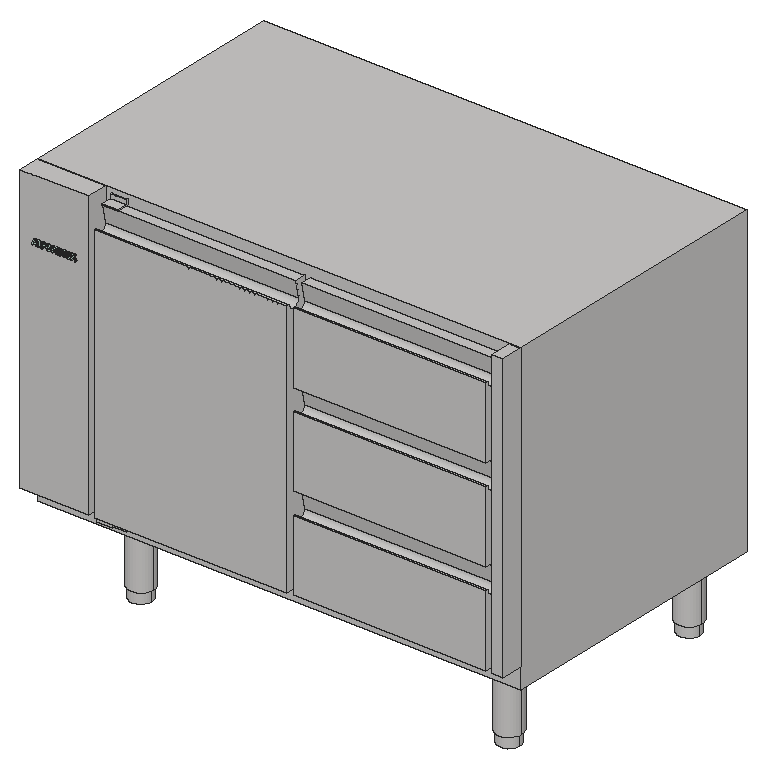
Revit family "QF_ALPENINOX_712118_AK2R8AC", category Specialty Equipment, Revit 2018
Family settings
  Round Connector Dimension = Use Diameter
  Part Type = Normal
  Work Plane-Based = No
  Always vertical = Yes
  Cut with Voids When Loaded = No
  Shared = No
  Room Calculation Point = No
Parameters
  Weight = 0.00 kg
  Watts = 2.78709 W
  Volts = 220 V
  URL Manufacturer = "http://www.alpeninox.com"
  URL = "http://www.alpeninox.com"
  Steam Supply Size = 0 mm
  Steam Supply Minimum Pressure = 0.0 Pa
  Steam Supply Maximum Pressure = 0.0 Pa
  Steam Pounds per Hour = 0
  Refrigeration Suction Line Size = 0 mm
  Refrigeration Liquid Line Size = 0 mm
  Refrigerant Compressor Remote = yes
  Manufacturer = "Alpeninox"
  Phase = 1
  Model = "AK2R8AC"
  Length Actual = 1103 mm  # constant formula
  Length = 1103 mm
  Item Number = "712118"
  Hot Water Size = 0 mm
  Height Actual = 850 mm  # constant formula
  Height = 700 mm
  HP = "0 HP"
  Gas Size = 0 mm
  Gas KW = 0
  Gas Input Pressure = 0 W
  Depth Actual = 700 mm  # constant formula
  Depth = 695 mm
  Description = "1 DOOR+3x1/3 DRAWER REF.TABLE -2C REM NO TOP"
  Cycle = 60 Hz
  Condensate Return Size = 0 mm
  Compressed Air Volume = 0.0 L/s
  Compressed Air Size = 0 mm
  Compressed Air Pressure = 0.0 Pa
  Cold Water Size = 0 mm
  Accessory = yes
Reference planes
  plane 1: z = 0
  plane 2 "Center (Left/Right)": x = -124.5
  plane 3 "Center (Front/Back)": y = 64.5
  plane 4 "FEET": z = 150
  plane 5 "TOP": z = 900
  plane 6 "PLAIN": z = 850
  plane 7 "EI_back": y = 359
  plane 8 "EI_left": x = -610
  plane 9 "BACK": y = 412
  plane 10 "FRONT": y = -283
  plane 11 "DOOR": y = -233
  plane 12 "LEFT": x = -676
  plane 13 "RIGHT": x = 427
  plane 14: x = -651
  plane 15: x = 402
  plane 16 "RO_left": x = -636
  plane 17 "RI_left": x = -584
  plane 18 "RO_back": y = 375.5
  plane 19 "RI_back": y = 375.5
  plane 20 "DRAINleft": x = -610
  plane 21 "DRAINback": y = 164
Forms (mm)
  Extrusion 1, solid, material "QF_Finishes_Stainless Steel"
    sketch origin (-1022.223, -1524, 150) x (-1, 0, 0) y (0, -1, 0)
      loop
        circle (-412.223, -1883) r 5
    from 0 to -40
  Extrusion 2, solid, material "QF_Finishes_Stainless Steel"
    sketch origin (-1022.223, -1524, 150) x (-1, 0, 0) y (0, -1, 0)
      loop
        line (-1424.223, -1291) -> (-1424.223, -1241) -> (-1449.223, -1241) -> (-1449.223, -1291) -> (-1424.223, -1291)
    from 48 to 700 <- "Height"
  Extrusion 3, solid, material "QF_Finishes_Stainless Steel"
    sketch origin (-1022.223, -1524, 150) x (-1, 0, 0) y (0, -1, 0)
      loop
        circle (-386.223, -1899.5) r 4.25
    from 0 to -20
  Extrusion 4, solid, material "QF_Finishes_Stainless Steel"
    sketch origin (-1022.223, -1524, 150) x (-1, 0, 0) y (0, -1, 0)
      loop
        circle (-438.223, -1899.5) r 4
    from 0 to -20
  Extrusion 5, solid, material "QF_Finishes_Stainless Steel"
    sketch origin (-1022.223, -1524, 150) x (-1, 0, 0) y (0, -1, 0)
      loop
        circle (-412.223, -1688) r 8.5
    from 0 to -40
  Extrusion 6, solid, material "QF_Finishes_Stainless Steel"
    sketch origin (-1022.223, -1524, 150) x (-1, 0, 0) y (0, -1, 0)
      loop
        line (-346.223, -1936) -> (-346.223, -1291) -> (-1449.223, -1291) -> (-1449.223, -1936) -> (-346.223, -1936)
    from 0 to 700 <- "Height"
Lines and regions (mm)
  symbolic lines, style "SpecialityEquipmentHiddenLines"
    curve 1: line (-676, 412, 150) -> (427, 412, 150)
    curve 2: line (-676, -283, 150) -> (-676, 412, 150)
    curve 3: line (427, -283, 150) -> (-676, -283, 150)
    curve 4: line (427, 412, 150) -> (427, -283, 150)
    curve 5: line (-676, -233, 150) -> (427, -233, 150)
    curve 6: line (402, -233, 150) -> (402, -283, 150)
Dimensions and locks
  plane 4 "FEET" to level = 150 mm
  plane 11 "DOOR" to plane 10 "FRONT" = 50 mm
  "Height": plane 6 "PLAIN" to plane 4 "FEET"
  plane 5 "TOP" to plane 6 "PLAIN" = 50 mm
  plane 12 "LEFT" to plane 14 = 25 mm
  plane 15 to plane 13 "RIGHT" = 25 mm
  plane 9 "BACK" to plane 18 "RO_back" = 36.5 mm
  plane 9 "BACK" to plane 7 "EI_back" = 53 mm
  plane 9 "BACK" to plane 19 "RI_back" = 36.5 mm
  plane 9 "BACK" to plane 21 "DRAINback" = 248 mm
  plane 12 "LEFT" to plane 20 "DRAINleft" = 66 mm
  plane 12 "LEFT" to plane 8 "EI_left" = 66 mm
  plane 12 "LEFT" to plane 17 "RI_left" = 92 mm
  plane 12 "LEFT" to plane 16 "RO_left" = 40 mm
  "Depth": plane 9 "BACK" to plane 10 "FRONT"
  equal spacing: plane 9 "BACK", plane 3 "Center (Front/Back)", plane 10 "FRONT"
  "Length": plane 12 "LEFT" to plane 13 "RIGHT"
  equal spacing: plane 12 "LEFT", plane 2 "Center (Left/Right)", plane 13 "RIGHT"
  aligned and locked: level to plane 1
Automatic sketch dimensions
  Extrusion 1 sketch curve to plane 7 "EI_back" = 0 mm
  Extrusion 1 sketch curve to plane 8 "EI_left" = 0 mm
  Extrusion 2 sketch curve to plane 11 "DOOR" = 0 mm
  Extrusion 2 sketch curve to plane 13 "RIGHT" = 0 mm
  Extrusion 2 sketch curve to plane 10 "FRONT" = 0 mm
  Extrusion 2 sketch curve to plane 15 = 0 mm
  Extrusion 3 sketch curve to plane 16 "RO_left" = 0 mm
  Extrusion 3 sketch curve to plane 18 "RO_back" = 0 mm
  Extrusion 4 sketch curve to plane 17 "RI_left" = 0 mm
  Extrusion 4 sketch curve to plane 19 "RI_back" = 0 mm
  Extrusion 5 sketch curve to plane 20 "DRAINleft" = 0 mm
  Extrusion 5 sketch curve to plane 21 "DRAINback" = 0 mm
  Extrusion 6 sketch curve to plane 9 "BACK" = 0 mm
  Extrusion 6 sketch curve to plane 13 "RIGHT" = 0 mm
  Extrusion 6 sketch curve to plane 11 "DOOR" = 0 mm
  Extrusion 6 sketch curve to plane 12 "LEFT" = 0 mm
  curve 1 to plane 13 "RIGHT" = 0 mm
  curve 6 to plane 15 = 0 mm
  curve 5 to plane 11 "DOOR" = 0 mm
  curve 5 to plane 12 "LEFT" = 0 mm
  curve 6 to plane 10 "FRONT" = 0 mm
  curve 1 to plane 9 "BACK" = 0 mm
  radius of Extrusion 1 sketch curve = 5 mm
  radius of Extrusion 3 sketch curve = 4.25 mm
  radius of Extrusion 4 sketch curve = 4 mm
  radius of Extrusion 5 sketch curve = 8.5 mm
Nested families
  nested 1: "Refrigerator" at (427, -283, 0), type "Refrigerator"
  nested 2: "FEET" at (-480, 331, 0), type "FEET"
  nested 3: "FEET" at (361, 331, 0), type "FEET"
  nested 4: "FEET" at (-480, -183, 0), type "FEET"
  nested 5: "FEET" at (361, -183, 0), type "FEET"
  nested 6: "APX_REM_TN_L" at (-519.08, -233, 598) x (1, 0, 0) z (0, -1, 0), type "APX_REM_TN_L"
    with Show Logo yes
  nested 7: "APX_SD_L" at (-286, -233, 512) x (1, 0, 0) z (0, -1, 0), type "APX_SD_L"
    with Show Clearance yes
  nested 8: "APX_THIRD" at (168, -233, 512) x (1, 0, 0) z (0, -1, 0), type "APX_THIRD"
    with Show Clearance yes
Connectors
  electrical at (-610, 359, 110), driven by "Volts"
    settings: on Extrusion 1, index 1, voltage 220 V, apparent load 0 VA, apparent load phase1 0 VA, apparent load phase2 0 VA, apparent load phase3 0 VA, power factor 1, load classification "Other", number of poles 1, system type 31, power factor state 1, is connector primary yes, connector utility no, sub classification motor no, connector description "Electrical Connection"
  piping at (-636, 375.5, 130), diameter 9.5
    settings: on Extrusion 3, index 3, connector inside diameter 609.6 mm, connector length 0 mm, flow factor 0, pipe flow 0.0 L/s, pressure drop 0.0 Pa, fitting loss kfactor 0, connector angle 0.00°, fixture units 0, engagement length 0 mm, angle of deflection 0.00°, flow configuration 1, flow direction 2, fitting loss method 0, system type 8, joint type 0, gender type 0, connector reference index -1, connector utility 0, adjustable connector no, is connector primary yes, connector description "Refrigerant Outlet"
  piping at (-584, 375.5, 130), diameter 8
    settings: on Extrusion 4, index 4, connector inside diameter 609.6 mm, connector length 0 mm, flow factor 0, pipe flow 0.0 L/s, pressure drop 0.0 Pa, fitting loss kfactor 0, connector angle 0.00°, fixture units 0, engagement length 0 mm, angle of deflection 0.00°, flow configuration 1, flow direction 1, fitting loss method 0, system type 7, joint type 0, gender type 0, connector reference index -1, connector utility 0, adjustable connector no, is connector primary no, connector description "Refrigerant Inlet"
  piping at (-610, 164, 110), diameter 17
    settings: on Extrusion 5, index 5, connector inside diameter 609.6 mm, connector length 0 mm, flow factor 0, pipe flow 0.0 L/s, pressure drop 0.0 Pa, fitting loss kfactor 0, connector angle 0.00°, fixture units 0, engagement length 0 mm, angle of deflection 0.00°, flow configuration 1, flow direction 2, fitting loss method 0, system type 16, joint type 0, gender type 0, connector reference index -1, connector utility 0, adjustable connector no, is connector primary no, connector description "Drain"
Definition of nested family "FEET"
  Parameters
    FEET = 150 mm
  Reference planes
    plane 1 "Center (Front/Back)": y = 0
    plane 2: z = 0
    plane 3 "Center (Left/Right)": x = 0
    plane 4: z = 150
  Forms (mm)
    Revolve 1, solid
      sketch origin (255.05, 0, 608.09) x (0, 0, 1) y (-1, 0, 0)
        loop
          line (-608.09, 255.05) -> (-608.09, 230.05) -> (-583.09, 230.05) -> (-583.09, 226.05) -> (-458.09, 226.05) -> (-458.09, 255.05) -> (-608.09, 255.05)
        axis (-608.09, 255.05) -> (-458.09, 255.05)
      angle from 0 to 360
  Dimensions and locks
    locked: Revolve 1 sketch curve to Revolve 1 sketch curve at 125
    "FEET": plane 4 to plane 2
    aligned and locked: level to plane 2
    aligned and locked: plane 4 to Revolve 1 sketch curve
    aligned and locked: Revolve 1 sketch curve to level
    aligned and locked: plane 3 "Center (Left/Right)" to Revolve 1 sketch curve
  Automatic sketch dimensions
    Revolve 1 sketch curve to plane 3 "Center (Left/Right)" = 0 mm
    Revolve 1 sketch curve to Revolve 1 sketch curve = 25 mm
    Revolve 1 sketch curve to Revolve 1 sketch curve = 29 mm
    plane 4 to Revolve 1 sketch curve = 50 mm
    Revolve 1 sketch curve to Revolve 1 sketch curve = 20 mm
Definition of nested family "APX_REM_TN_L"
  Parameters
    Show Logo [instance] = yes
    Default Elevation = 1219.2 mm
  Reference planes
    plane 1 "Centro (Fronte/Retro)": y = -74
    plane 2: z = 0
    plane 3 "Centro (Sinistra/Destra)": x = -78.92
  Forms (mm)
    Extrusion 1, solid
      sketch origin (0, 0, 0) x (1, 0, 0) y (0, 1, 0)
        loop
          line (-1219.2, 1219.2) -> (-1219.2, -1219.2) -> (1219.2, -1219.2) -> (1219.2, 1219.2) -> (-1219.2, 1219.2)
      from 0 to -304.8
    Extrusion 2, solid
      sketch origin (1.08, 0, 0) x (1, 0, 0) y (0, 1, 0)
        loop
          line (-158, 252) -> (-158, -400) -> (-2, -400) -> (-2, 252) -> (-158, 252)
      from 0 to 50
    Extrusion 3, solid
      sketch origin (44.22, -49.023, 0) x (1, 0, 0) y (0, 1, 0)
        loop
          line (-168.675, 170.349) -> (-172.411, 160.318)
          arc (-172.411, 160.318) -> (-171.624, 158.497) -> (-169.837, 159.36) r 1.374
          line (-169.837, 159.36) -> (-169.268, 161.111) -> (-164.1, 161.111) -> (-163.54, 159.379)
          arc (-163.54, 159.379) -> (-161.802, 158.542) -> (-161.049, 160.318) r 1.333
          line (-161.049, 160.318) -> (-164.694, 170.349)
          arc (-164.694, 170.349) -> (-166.685, 171.876) -> (-168.675, 170.349) r 2.06
        loop
          line (-166.681, 169.055) -> (-168.469, 163.655) -> (-164.935, 163.655) -> (-166.681, 169.055)
        loop
          arc (-159.705, 160.042) -> (-159.262, 158.973) -> (-158.194, 158.531) r 1.512
          line (-158.194, 158.531) -> (-153.608, 158.531)
          arc (-153.608, 158.531) -> (-152.337, 159.802) -> (-153.608, 161.074) r 1.272
          line (-153.608, 161.074) -> (-156.917, 161.074) -> (-156.917, 170.328)
          arc (-156.917, 170.328) -> (-158.311, 171.722) -> (-159.705, 170.328) r 1.394
          line (-159.705, 170.328) -> (-159.705, 160.042)
        loop
          line (-151.076, 170.218) -> (-151.076, 159.859)
          arc (-151.076, 159.859) -> (-149.683, 158.466) -> (-148.29, 159.859) r 1.393
          line (-148.29, 159.859) -> (-148.29, 162.882) -> (-146.225, 162.882)
          arc (-146.225, 162.882) -> (-142.999, 163.859) -> (-141.608, 166.928) r 4.082
          arc (-141.608, 166.928) -> (-142.993, 170.272) -> (-146.336, 171.657) r 4.728
          line (-146.336, 171.657) -> (-149.638, 171.657)
          arc (-149.638, 171.657) -> (-150.655, 171.235) -> (-151.076, 170.218) r 1.439
        loop
          line (-148.29, 165.313) -> (-146.388, 165.313)
          arc (-146.388, 165.313) -> (-144.433, 167.268) -> (-146.388, 169.222) r 1.955
          line (-146.388, 169.222) -> (-148.29, 169.222) -> (-148.29, 165.313)
        loop
          arc (-131.184, 166.332) -> (-132.004, 168.2) -> (-133.767, 169.228) r 3.3
          arc (-133.767, 169.228) -> (-136.353, 168.661) -> (-137.611, 166.332) r 3.176
          line (-137.611, 166.332) -> (-131.184, 166.332)
        loop
          line (-137.538, 163.743) -> (-130.544, 163.743)
          arc (-130.544, 163.743) -> (-129.292, 163.916) -> (-128.301, 164.701) r 2.4
          arc (-128.301, 164.701) -> (-128.155, 165.545) -> (-128.212, 166.399) r 3.635
          arc (-128.212, 166.399) -> (-130.364, 170.162) -> (-134.39, 171.769) r 6.579
          arc (-134.39, 171.769) -> (-138.918, 169.706) -> (-140.661, 165.044) r 6.501
          arc (-140.661, 165.044) -> (-139.276, 160.789) -> (-135.401, 158.549) r 6.252
          arc (-135.401, 158.549) -> (-132.922, 158.526) -> (-130.544, 159.232) r 8.361
          arc (-130.544, 159.232) -> (-129.466, 159.781) -> (-128.641, 160.666) r 3.486
          arc (-128.641, 160.666) -> (-128.419, 161.592) -> (-128.828, 162.451) r 1.425
          arc (-128.828, 162.451) -> (-129.368, 162.762) -> (-129.99, 162.762) r 1.203
          arc (-129.99, 162.762) -> (-130.406, 162.59) -> (-130.764, 162.316) r 1.724
          arc (-130.764, 162.316) -> (-131.666, 161.705) -> (-132.646, 161.229) r 7.6
          arc (-132.646, 161.229) -> (-135.676, 161.35) -> (-137.538, 163.743) r 3.6
        loop
          line (-126.669, 170.328) -> (-126.669, 159.859)
          arc (-126.669, 159.859) -> (-125.273, 158.463) -> (-123.878, 159.859) r 1.396
          line (-123.878, 159.859) -> (-123.878, 166.785) -> (-117.946, 159.029)
          arc (-117.946, 159.029) -> (-116.361, 158.51) -> (-115.379, 159.859) r 1.417
          line (-115.379, 159.859) -> (-115.379, 170.328)
          arc (-115.379, 170.328) -> (-116.774, 171.723) -> (-118.169, 170.328) r 1.395
          line (-118.169, 170.328) -> (-118.169, 163.311) -> (-124.101, 171.157)
          arc (-124.101, 171.157) -> (-125.687, 171.678) -> (-126.669, 170.328) r 1.418
        loop
          arc (-113.636, 159.859) -> (-112.241, 158.464) -> (-110.847, 159.859) r 1.394
          line (-110.847, 159.859) -> (-110.847, 170.328)
          arc (-110.847, 170.328) -> (-112.241, 171.723) -> (-113.636, 170.328) r 1.394
          line (-113.636, 170.328) -> (-113.636, 159.859)
        loop
          line (-109.102, 170.328) -> (-109.102, 159.859)
          arc (-109.102, 159.859) -> (-107.706, 158.463) -> (-106.31, 159.859) r 1.396
          line (-106.31, 159.859) -> (-106.31, 166.785) -> (-100.378, 159.029)
          arc (-100.378, 159.029) -> (-98.793, 158.51) -> (-97.812, 159.859) r 1.417
          line (-97.812, 159.859) -> (-97.812, 170.328)
          arc (-97.812, 170.328) -> (-99.207, 171.723) -> (-100.602, 170.328) r 1.395
          line (-100.602, 170.328) -> (-100.602, 163.311) -> (-106.533, 171.157)
          arc (-106.533, 171.157) -> (-108.119, 171.678) -> (-109.102, 170.328) r 1.418
        loop
          arc (-96.345, 165.093) -> (-95.619, 161.877) -> (-93.467, 159.379) r 6.806
          arc (-93.467, 159.379) -> (-91.792, 158.566) -> (-89.948, 158.31) r 5.956
          arc (-89.948, 158.31) -> (-88.104, 158.566) -> (-86.43, 159.379) r 5.956
          arc (-86.43, 159.379) -> (-84.277, 161.877) -> (-83.551, 165.093) r 6.806
          arc (-83.551, 165.093) -> (-84.277, 168.31) -> (-86.43, 170.808) r 6.806
          arc (-86.43, 170.808) -> (-88.104, 171.621) -> (-89.948, 171.877) r 5.956
          arc (-89.948, 171.877) -> (-91.792, 171.621) -> (-93.467, 170.808) r 5.956
          arc (-93.467, 170.808) -> (-95.619, 168.31) -> (-96.345, 165.093) r 6.806
        loop
          arc (-93.425, 165.093) -> (-93.138, 163.212) -> (-92.081, 161.629) r 4.387
          arc (-92.081, 161.629) -> (-91.087, 161.049) -> (-89.948, 160.881) r 3.035
          arc (-89.948, 160.881) -> (-88.809, 161.049) -> (-87.815, 161.629) r 3.035
          arc (-87.815, 161.629) -> (-86.759, 163.212) -> (-86.472, 165.093) r 4.387
          arc (-86.472, 165.093) -> (-86.759, 166.975) -> (-87.815, 168.558) r 4.387
          arc (-87.815, 168.558) -> (-88.809, 169.138) -> (-89.948, 169.306) r 3.035
          arc (-89.948, 169.306) -> (-91.087, 169.138) -> (-92.081, 168.558) r 3.035
          arc (-92.081, 168.558) -> (-93.138, 166.975) -> (-93.425, 165.093) r 4.387
        loop
          line (-82.843, 169.609) -> (-79.829, 165.552) -> (-83.513, 160.652)
          arc (-83.513, 160.652) -> (-83.216, 158.692) -> (-81.262, 159.029) r 1.388
          line (-81.262, 159.029) -> (-78.213, 163.232) -> (-75.164, 159.029)
          arc (-75.164, 159.029) -> (-73.211, 158.692) -> (-72.913, 160.652) r 1.388
          line (-72.913, 160.652) -> (-76.597, 165.552) -> (-73.584, 169.609)
          arc (-73.584, 169.609) -> (-73.952, 171.597) -> (-75.908, 171.084) r 1.38
          line (-75.908, 171.084) -> (-78.213, 167.841) -> (-80.519, 171.084)
          arc (-80.519, 171.084) -> (-82.474, 171.597) -> (-82.843, 169.609) r 1.38
      from 50 to 51.6
  Lines and regions (mm)
    Split face 1
      outline origin (1.08, 0, 50) x (1, 0, 0) y (0, 1, 0)
        loop
          line (-2, 188) -> (-158, 188)
    Split face 2
      outline origin (1.08, 0, 50) x (1, 0, 0) y (0, 1, 0)
        loop
          line (-158, 178) -> (-2, 178)
    Split face 3
      outline origin (1.08, 0, 50) x (1, 0, 0) y (0, 1, 0)
        loop
          line (-2, 104) -> (-158, 104)
    Split face 4
      outline origin (1.08, 0, 50) x (1, 0, 0) y (0, 1, 0)
        loop
          line (-2, 94) -> (-158, 94)
    Split face 5
      outline origin (1.08, 0, 50) x (1, 0, 0) y (0, 1, 0)
        loop
          line (-110, 163.931) -> (-110, 134.412) -> (-50, 134.412) -> (-50, 163.931) -> (-110, 163.931)
    Split face 6
      outline origin (1.08, 0, 50) x (1, 0, 0) y (0, 1, 0)
        loop
          line (-70, 160.931) -> (-70, 137.412) -> (-53, 137.412) -> (-53, 160.931) -> (-70, 160.931)
    symbolic lines
      curve 1: line (-2, -74, 50) -> (-2, -74, 0)
  Dimensions and locks
    equal spacing: Extrusion 2, plane 3 "Centro (Sinistra/Destra)", Extrusion 2
    equal spacing: Extrusion 2, plane 1 "Centro (Fronte/Retro)", Extrusion 2
    aligned and locked: plane 2 to Extrusion 1
    aligned and locked: level to Extrusion 1
  Automatic sketch dimensions
    curve 1 to level = 0 mm
    plane 3 "Centro (Sinistra/Destra)" to curve 1 = 76.92 mm
    curve 1 to curve 1 = 50 mm
    Extrusion 1 sketch curve to Extrusion 1 sketch curve = 2438.4 mm  (x2)
    Extrusion 2 sketch curve to plane 3 "Centro (Sinistra/Destra)" = 78 mm
    plane 3 "Centro (Sinistra/Destra)" to Extrusion 2 sketch curve = 78 mm
    plane 1 "Centro (Fronte/Retro)" to Extrusion 2 sketch curve = 326 mm
    Extrusion 2 sketch curve to plane 1 "Centro (Fronte/Retro)" = 326 mm
    Extrusion 3 sketch curve to plane 3 "Centro (Sinistra/Destra)" = 49.27 mm
    Extrusion 3 sketch curve to Extrusion 3 sketch curve = 1.266 mm
    Extrusion 3 sketch curve to Extrusion 3 sketch curve = 1.307 mm
    Extrusion 3 sketch curve to Extrusion 3 sketch curve = 0.57 mm
    Extrusion 3 sketch curve to Extrusion 3 sketch curve = 0.593 mm
    Extrusion 3 sketch curve to Extrusion 3 sketch curve = 0.799 mm
    Extrusion 3 sketch curve to Extrusion 3 sketch curve = 1.99 mm  (x2)
    Extrusion 3 sketch curve to Extrusion 3 sketch curve = 0.003 mm
    Extrusion 3 sketch curve to Extrusion 3 sketch curve = 3.534 mm
    Extrusion 3 sketch curve to Extrusion 3 sketch curve = 0.835 mm
    Extrusion 3 sketch curve to Extrusion 3 sketch curve = 0.56 mm
    Extrusion 3 sketch curve to Extrusion 3 sketch curve = 1.268 mm
    Extrusion 3 sketch curve to Extrusion 3 sketch curve = 1.223 mm
    Extrusion 3 sketch curve to Extrusion 3 sketch curve = 1.344 mm
    Extrusion 3 sketch curve to Extrusion 3 sketch curve = 1.394 mm  (x2)
    Extrusion 3 sketch curve to Extrusion 3 sketch curve = 1.512 mm
    Extrusion 3 sketch curve to Extrusion 3 sketch curve = 3.309 mm
    Extrusion 3 sketch curve to Extrusion 3 sketch curve = 5.841 mm
    Extrusion 3 sketch curve to Extrusion 3 sketch curve = 1.393 mm
    Extrusion 3 sketch curve to Extrusion 3 sketch curve = 1.439 mm
    Extrusion 3 sketch curve to Extrusion 3 sketch curve = 0 mm  (x19)
    Extrusion 3 sketch curve to Extrusion 3 sketch curve = 1.902 mm
    Extrusion 3 sketch curve to Extrusion 3 sketch curve = 0.052 mm
    Extrusion 3 sketch curve to Extrusion 3 sketch curve = 2.065 mm
    Extrusion 3 sketch curve to Extrusion 3 sketch curve = 0.647 mm
    Extrusion 3 sketch curve to Extrusion 3 sketch curve = 8.079 mm
    Extrusion 3 sketch curve to Extrusion 3 sketch curve = 0.073 mm
    Extrusion 3 sketch curve to Extrusion 3 sketch curve = 2.145 mm
    Extrusion 3 sketch curve to Extrusion 3 sketch curve = 2.931 mm
    Extrusion 3 sketch curve to Extrusion 3 sketch curve = 0.213 mm
    Extrusion 3 sketch curve to Extrusion 3 sketch curve = 0.026 mm
    Extrusion 3 sketch curve to Extrusion 3 sketch curve = 0.263 mm
    Extrusion 3 sketch curve to Extrusion 3 sketch curve = 0.516 mm
    Extrusion 3 sketch curve to Extrusion 3 sketch curve = 0.356 mm
    Extrusion 3 sketch curve to Extrusion 3 sketch curve = 0.387 mm
    Extrusion 3 sketch curve to Extrusion 3 sketch curve = 2.378 mm
    Extrusion 3 sketch curve to Extrusion 3 sketch curve = 2.466 mm
    Extrusion 3 sketch curve to Extrusion 3 sketch curve = 0.602 mm
    Extrusion 3 sketch curve to Extrusion 3 sketch curve = 1.02 mm
    Extrusion 3 sketch curve to Extrusion 3 sketch curve = 0.949 mm
    Extrusion 3 sketch curve to Extrusion 3 sketch curve = 1.728 mm
    Extrusion 3 sketch curve to Extrusion 3 sketch curve = 0.157 mm  (x2)
    Extrusion 3 sketch curve to Extrusion 3 sketch curve = 0.292 mm
    Extrusion 3 sketch curve to plane 3 "Centro (Sinistra/Destra)" = 3.529 mm
    Extrusion 3 sketch curve to Extrusion 3 sketch curve = 1.396 mm  (x2)
    Extrusion 3 sketch curve to Extrusion 3 sketch curve = 1.418 mm  (x2)
    Extrusion 3 sketch curve to plane 3 "Centro (Sinistra/Destra)" = 0.96 mm
    plane 3 "Centro (Sinistra/Destra)" to Extrusion 3 sketch curve = 4.971 mm
    Extrusion 3 sketch curve to Extrusion 3 sketch curve = 0.224 mm  (x2)
    Extrusion 3 sketch curve to Extrusion 3 sketch curve = 1.149 mm  (x2)
    Extrusion 3 sketch curve to Extrusion 3 sketch curve = 1.395 mm  (x2)
    Extrusion 3 sketch curve to Extrusion 3 sketch curve = 1.744 mm
    Extrusion 3 sketch curve to Extrusion 3 sketch curve = 1.745 mm
    Extrusion 3 sketch curve to Extrusion 3 sketch curve = 1.151 mm
    Extrusion 3 sketch curve to Extrusion 3 sketch curve = 5.709 mm
    Extrusion 3 sketch curve to Extrusion 3 sketch curve = 6.963 mm
    Extrusion 3 sketch curve to Extrusion 3 sketch curve = 0.493 mm  (x3)
    Extrusion 3 sketch curve to Extrusion 3 sketch curve = 0.273 mm  (x2)
    Extrusion 3 sketch curve to Extrusion 3 sketch curve = 0.021 mm  (x2)
    Extrusion 3 sketch curve to Extrusion 3 sketch curve = 0.226 mm  (x2)
    Extrusion 3 sketch curve to Extrusion 3 sketch curve = 0.268 mm  (x2)
    Extrusion 3 sketch curve to Extrusion 3 sketch curve = 0.294 mm
    Extrusion 3 sketch curve to Extrusion 3 sketch curve = 5.534 mm
    Extrusion 3 sketch curve to Extrusion 3 sketch curve = 6.205 mm
    Extrusion 3 sketch curve to Extrusion 3 sketch curve = 1.109 mm  (x2)
    Extrusion 3 sketch curve to Extrusion 3 sketch curve = 1.108 mm  (x2)
    Extrusion 3 sketch curve to Extrusion 3 sketch curve = 1.142 mm  (x2)
    Extrusion 3 sketch curve to Extrusion 3 sketch curve = 1.216 mm  (x2)
    Extrusion 3 sketch curve to Extrusion 3 sketch curve = 3.013 mm
    Extrusion 3 sketch curve to Extrusion 3 sketch curve = 1.616 mm  (x3)
    Extrusion 3 sketch curve to Extrusion 3 sketch curve = 2.305 mm
    Extrusion 3 sketch curve to Extrusion 3 sketch curve = 3.049 mm
    Extrusion 3 sketch curve to plane 1 "Centro (Fronte/Retro)" = 183.508 mm
    Extrusion 3 sketch curve to Extrusion 3 sketch curve = 0.498 mm
    Extrusion 3 sketch curve to Extrusion 3 sketch curve = 0.682 mm
    Extrusion 3 sketch curve to Extrusion 3 sketch curve = 0.664 mm
    Extrusion 3 sketch curve to Extrusion 3 sketch curve = 0.425 mm
    Extrusion 3 sketch curve to Extrusion 3 sketch curve = 0.41 mm
    Extrusion 3 sketch curve to Extrusion 3 sketch curve = 1.272 mm
    Extrusion 3 sketch curve to Extrusion 3 sketch curve = 0.789 mm  (x2)
    Extrusion 3 sketch curve to Extrusion 3 sketch curve = 0.056 mm
    Extrusion 3 sketch curve to Extrusion 3 sketch curve = 0.83 mm
    Extrusion 3 sketch curve to Extrusion 3 sketch curve = 1.238 mm
    Extrusion 3 sketch curve to Extrusion 3 sketch curve = 1.732 mm
    Extrusion 3 sketch curve to Extrusion 3 sketch curve = 0.346 mm
    Extrusion 3 sketch curve to Extrusion 3 sketch curve = 1.123 mm
    Extrusion 3 sketch curve to Extrusion 3 sketch curve = 3.023 mm
    Extrusion 3 sketch curve to Extrusion 3 sketch curve = 4.203 mm
    Extrusion 3 sketch curve to Extrusion 3 sketch curve = 3.452 mm  (x2)
    Extrusion 3 sketch curve to Extrusion 3 sketch curve = 2.544 mm
    Extrusion 3 sketch curve to Extrusion 3 sketch curve = 1.177 mm
    Extrusion 3 sketch curve to Extrusion 3 sketch curve = 3.261 mm
    Extrusion 3 sketch curve to Extrusion 3 sketch curve = 0.352 mm  (x2)
    Extrusion 3 sketch curve to Extrusion 3 sketch curve = 1.987 mm
    Extrusion 3 sketch curve to Extrusion 3 sketch curve = 0.171 mm
    Extrusion 3 sketch curve to Extrusion 3 sketch curve = 0.533 mm  (x3)
    Extrusion 3 sketch curve to Extrusion 3 sketch curve = 0.14 mm  (x4)
    Extrusion 3 sketch curve to Extrusion 3 sketch curve = 0.473 mm
    Extrusion 3 sketch curve to Extrusion 3 sketch curve = 0.31 mm  (x2)
    Extrusion 3 sketch curve to Extrusion 3 sketch curve = 0.075 mm
    Extrusion 3 sketch curve to Extrusion 3 sketch curve = 2.431 mm
    Extrusion 3 sketch curve to Extrusion 3 sketch curve = 2.32 mm  (x2)
    Extrusion 3 sketch curve to Extrusion 3 sketch curve = 1.992 mm
    Extrusion 3 sketch curve to Extrusion 3 sketch curve = 0.674 mm
    Extrusion 3 sketch curve to Extrusion 3 sketch curve = 0.732 mm
    Extrusion 3 sketch curve to Extrusion 3 sketch curve = 0.388 mm
    Extrusion 3 sketch curve to Extrusion 3 sketch curve = 0.121 mm
    Extrusion 3 sketch curve to Extrusion 3 sketch curve = 2.589 mm
    Extrusion 3 sketch curve to Extrusion 3 sketch curve = 0.662 mm
    Extrusion 3 sketch curve to Extrusion 3 sketch curve = 3.473 mm
    Extrusion 3 sketch curve to Extrusion 3 sketch curve = 0.681 mm
    Extrusion 3 sketch curve to Extrusion 3 sketch curve = 1.615 mm
    Extrusion 3 sketch curve to Extrusion 3 sketch curve = 0.34 mm
    Extrusion 3 sketch curve to Extrusion 3 sketch curve = 2.288 mm
    Extrusion 3 sketch curve to Extrusion 3 sketch curve = 0.942 mm
    Extrusion 3 sketch curve to Extrusion 3 sketch curve = 5.4 mm
    Extrusion 3 sketch curve to Extrusion 3 sketch curve = 1.768 mm  (x2)
    Extrusion 3 sketch curve to Extrusion 3 sketch curve = 0.761 mm
    Extrusion 3 sketch curve to Extrusion 3 sketch curve = 0.996 mm
    Extrusion 3 sketch curve to Extrusion 3 sketch curve = 3.543 mm  (x2)
    Extrusion 3 sketch curve to Extrusion 3 sketch curve = 7.017 mm
    Extrusion 3 sketch curve to Extrusion 3 sketch curve = 0.11 mm
    Extrusion 3 sketch curve to Extrusion 3 sketch curve = 0.823 mm  (x2)
    Extrusion 3 sketch curve to Extrusion 3 sketch curve = 0.947 mm
    Extrusion 3 sketch curve to Extrusion 3 sketch curve = 3.837 mm
    Extrusion 3 sketch curve to Extrusion 3 sketch curve = 0.623 mm
    Extrusion 3 sketch curve to Extrusion 3 sketch curve = 1.082 mm
    Extrusion 3 sketch curve to Extrusion 3 sketch curve = 0.801 mm
    Extrusion 3 sketch curve to Extrusion 3 sketch curve = 1 mm
    Extrusion 3 sketch curve to Extrusion 3 sketch curve = 0.089 mm
    Extrusion 3 sketch curve to Extrusion 3 sketch curve = 4.257 mm
    Extrusion 3 sketch curve to Extrusion 3 sketch curve = 4.345 mm  (x2)
    Extrusion 3 sketch curve to Extrusion 3 sketch curve = 2.576 mm
    Extrusion 3 sketch curve to Extrusion 3 sketch curve = 1.385 mm  (x4)
    Extrusion 3 sketch curve to Extrusion 3 sketch curve = 2.133 mm  (x4)
    Extrusion 3 sketch curve to Extrusion 3 sketch curve = 3.518 mm
    Extrusion 3 sketch curve to Extrusion 3 sketch curve = 5.603 mm
    Extrusion 3 sketch curve to Extrusion 3 sketch curve = 2.571 mm
    Split face 1 sketch curve to Extrusion 2 = 0 mm  (x2)
    Split face 1 sketch curve to Extrusion 2 = 64 mm
    Split face 2 sketch curve to Extrusion 2 = 0 mm
    Split face 2 sketch curve to Extrusion 2 = 74 mm
    Extrusion 2 to Split face 2 sketch curve = 0 mm
    Split face 3 sketch curve to Extrusion 2 = 0 mm  (x2)
    Split face 3 sketch curve to Extrusion 2 = 148 mm
    Split face 4 sketch curve to Extrusion 2 = 0 mm  (x2)
    Split face 4 sketch curve to Extrusion 2 = 158 mm
    Split face 5 sketch curve to Extrusion 2 = 48 mm  (x2)
    Split face 5 sketch curve to Extrusion 2 = 117.588 mm
    Split face 5 sketch curve to Split face 5 sketch curve = 29.518 mm
    Split face 6 sketch curve to Extrusion 2 = 68 mm
    Split face 6 sketch curve to Split face 6 sketch curve = 17 mm
    Split face 6 sketch curve to Extrusion 2 = 114.588 mm
    Split face 6 sketch curve to Split face 6 sketch curve = 23.518 mm
Definition of nested family "APX_SD_L"
  Parameters
    Show Clearance [instance] = yes
    Default Elevation = 1219.2 mm
  Reference planes
    plane 1 "Center (Front/Back)": y = 0
    plane 2: z = 0
    plane 3 "Center (Left/Right)": x = 0
    plane 4: x = -234
    plane 5: x = 234
  Forms (mm)
    Extrusion 1, solid
      sketch origin (0, 0, 0) x (1, 0, 0) y (0, 1, 0)
        loop
          line (-1219.2, 1219.2) -> (-1219.2, -1219.2) -> (1219.2, -1219.2) -> (1219.2, 1219.2) -> (-1219.2, 1219.2)
      from 0 to -304.8
    Extrusion 2, solid
      sketch origin (0, 0, -3) x (0, 1, 0) y (0, 0, 1)
        loop
          line (-314, 53) -> (-314, 3) -> (314, 3) -> (314, 29) -> (274.395, 20)
          arc (274.395, 20) -> (260.396, 33.803) -> (274, 47.994) r 14
          line (274, 47.994) -> (274, 53) -> (-314, 53)
      from -220 to 220
    Extrusion 3, solid
      sketch origin (0, 0, 0) x (0, 1, 0) y (0, 0, -1)
        loop
          line (-323.003, -40.312) -> (-323.003, -12.259) -> (-323.003, 0) -> (-351.511, 0) -> (-351.511, -2.5) -> (-325.503, -2.5) -> (-325.503, -42.812) -> (-316.501, -42.812) -> (-316.501, -40.312) -> (-323.003, -40.312)
        loop
          line (-314, -38.311) -> (-314, -11.804) -> (-319.752, -11.804) -> (-319.752, -14.304) -> (-316.501, -14.304) -> (-316.501, -38.311) -> (-314, -38.311)
        loop
          line (315.003, -27.948) -> (317.503, -27.948) -> (317.503, -2.5) -> (327.503, -2.5) -> (327.503, 0) -> (315.003, 0) -> (315.003, -2.948) -> (315.003, -27.948)
      from 185 to 220
    Extrusion 4, solid, visible <- "Show Clearance", detail levels coarse
      sketch origin (0, 0, -3) x (-1, 0, 0) y (0, 0, -1)
        loop
          line (220, -53) -> (-220, -53)
          arc (-220, -53) -> (-79.636, -340.04) -> (220, -451) r 430
          line (220, -451) -> (220, -53)
      from -314 to 314
  Lines and regions (mm)
    symbolic lines
      curve 1: arc (219.599, 0, 55) -> (95.934, 0, 321.503) -> (-170, 0, 446.39) r 430
      curve 2: line (-220, 0, 55) -> (-220, 0, 448)
      curve 3: line (-170, 0, 55) -> (-170, 0, 448)
      curve 4: line (-220, 0, 448) -> (-170, 0, 448)
  Dimensions and locks
    plane 4 to plane 3 "Center (Left/Right)" to plane 5 = 234 mm locked, 234 mm locked
    aligned and locked: plane 2 to Extrusion 1
    aligned and locked: level to Extrusion 1
Definition of nested family "APX_THIRD"
  Parameters
    Show Clearance [instance] = yes
    Default Elevation = 1219.2 mm
  Reference planes
    plane 1 "Center (Front/Back)": y = 0
    plane 2: z = 0
    plane 3 "Center (Left/Right)": x = 0
    plane 4: x = -234
    plane 5: x = 234
    plane 6: z = 618
  Forms (mm)
    Extrusion 1, solid
      sketch origin (0, 0, 0) x (1, 0, 0) y (0, 1, 0)
        loop
          line (-1219.2, 1219.2) -> (-1219.2, -1219.2) -> (1219.2, -1219.2) -> (1219.2, 1219.2) -> (-1219.2, 1219.2)
      from 0 to -304.8
    Extrusion 2, solid
      sketch origin (0, 0, 0) x (0, 1, 0) y (0, 0, 1)
        loop
          line (314, 0) -> (314, 26) -> (274.395, 17)
          arc (274.395, 17) -> (260.395, 31) -> (274.395, 45) r 14
          line (274.395, 45) -> (274.395, 50) -> (111.333, 50) -> (111.333, 0) -> (314, 0)
        loop
          line (-111.333, 0) -> (-111.333, 26) -> (-150.939, 17)
          arc (-150.939, 17) -> (-164.939, 31) -> (-150.939, 45) r 14
          line (-150.939, 45) -> (-150.939, 50) -> (-314, 50) -> (-314, 0) -> (-111.333, 0)
        loop
          line (101.333, 0) -> (101.333, 26) -> (61.728, 17)
          arc (61.728, 17) -> (47.728, 31) -> (61.728, 45) r 14
          line (61.728, 45) -> (61.728, 50) -> (-101.333, 50) -> (-101.333, 0) -> (101.333, 0)
      from -220 to 220
    Extrusion 3, solid, visible <- "Show Clearance", detail levels coarse
      sketch origin (0, 0, 512) x (0, 1, 0) y (0, 0, 1)
        loop
          line (-314, 106) -> (-314, -462) -> (-111.333, -462) -> (-111.333, 82) -> (-150.939, 73)
          arc (-150.939, 73) -> (-164.939, 87) -> (-150.939, 101) r 14
          line (-150.939, 101) -> (-150.939, 106) -> (-314, 106)
        loop
          line (-101.333, 106) -> (-101.333, -462) -> (101.333, -462) -> (101.333, 82) -> (61.728, 73)
          arc (61.728, 73) -> (47.728, 87) -> (61.728, 101) r 14
          line (61.728, 101) -> (61.728, 106) -> (-101.333, 106)
        loop
          line (111.333, 106) -> (111.333, -462) -> (314, -462) -> (314, 82) -> (274.395, 73)
          arc (274.395, 73) -> (260.395, 87) -> (274.395, 101) r 14
          line (274.395, 101) -> (274.395, 106) -> (111.333, 106)
      from -220 to 220
  Lines and regions (mm)
    symbolic lines
      curve 1: line (220, 0, 140) -> (-220, 0, 140)
      curve 2: line (220, 0, 175) -> (-220, 0, 175)
      curve 3: line (220, 0, 260) -> (-220, 0, 260)
      curve 4: line (220, 0, 295) -> (-220, 0, 295)
      curve 5: line (220, 0, 380) -> (-220, 0, 380)
      curve 6: line (220, 0, 415) -> (-220, 0, 415)
      curve 7: line (220, 0, 415) -> (220, 0, 380)
      curve 8: line (-220, 0, 415) -> (-220, 0, 380)
      curve 9: line (-220, 0, 295) -> (-220, 0, 260)
      curve 10: line (220, 0, 295) -> (220, 0, 260)
      curve 11: line (220, 0, 175) -> (220, 0, 140)
      curve 12: line (-220, 0, 175) -> (-220, 0, 140)
      curve 13: line (190, 0, 295) -> (190, 0, 380)
      curve 14: line (-190, 0, 295) -> (-190, 0, 380)
      curve 15: line (190, 0, 175) -> (190, 0, 260)
      curve 16: line (-190, 0, 175) -> (-190, 0, 260)
      curve 17: line (190, 0, 55) -> (190, 0, 140)
      curve 18: line (-190, 0, 55) -> (-190, 0, 140)
  Dimensions and locks
    plane 4 to plane 3 "Center (Left/Right)" to plane 5 = 234 mm locked, 234 mm locked
    plane 6 to level = 618 mm
    aligned and locked: plane 2 to Extrusion 1
    aligned and locked: level to Extrusion 1
Definition of nested family "Refrigerator"
  Reference planes
    plane 1 "Center (Front/Back)": y = 0
    plane 2: z = 0
    plane 3 "Center (Left/Right)": x = 0
  Lines and regions (mm)
    detail lines, in view "Ref. Level"
      curve 1: spline (-500, 190, 0) -> (-493.185, 166.706, 0) -> (-473.205, 145, 0) -> (-441.421, 126.36, 0) -> (-400, 112.058, 0) -> (-351.764, 103.067, 0) -> (-300, 100, 0) -> (-248.236, 103.067, 0) -> (-200, 112.058, 0) -> (-158.579, 126.36, 0) -> (-126.795, 145, 0) -> (-106.815, 166.706, 0) -> (-100, 190, 0) -> (-106.815, 213.294, 0) -> (-126.795, 235, 0) -> (-158.579, 253.64, 0) -> (-200, 267.942, 0) -> (-248.236, 276.933, 0) -> (-300, 280, 0) -> (-351.764, 276.933, 0) -> (-400, 267.942, 0) -> (-441.421, 253.64, 0) -> (-473.205, 235, 0) -> (-493.185, 213.294, 0) -> (-500, 190, 0)
      curve 2: line (-300, 130, 0) -> (-300, 250, 0)
      curve 3: line (-351.962, 220, 0) -> (-248.038, 160, 0)
      curve 4: line (-351.962, 160, 0) -> (-248.038, 220, 0)
      curve 5: line (-280.884, 246.873, 0) -> (-300, 225, 0)
      curve 6: line (-300, 225, 0) -> (-319.116, 246.873, 0)
      curve 7: line (-330.311, 207.5, 0) -> (-339.696, 234.992, 0)
      curve 8: line (-358.812, 201.882, 0) -> (-330.311, 207.5, 0)
      curve 9: line (-330.311, 172.5, 0) -> (-358.812, 178.118, 0)
      curve 10: line (-339.696, 145.008, 0) -> (-330.311, 172.5, 0)
      curve 11: line (-300, 155, 0) -> (-319.116, 133.127, 0)
      curve 12: line (-280.884, 133.127, 0) -> (-300, 155, 0)
      curve 13: line (-269.689, 172.5, 0) -> (-260.304, 145.008, 0)
      curve 14: line (-241.188, 178.118, 0) -> (-269.689, 172.5, 0)
      curve 15: line (-269.689, 207.5, 0) -> (-241.188, 201.882, 0)
      curve 16: line (-260.304, 234.992, 0) -> (-269.689, 207.5, 0)
